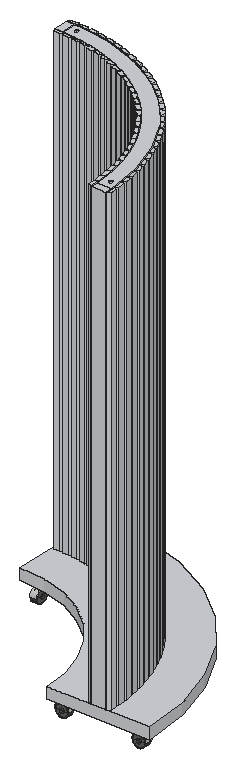
Revit family "ThinkingWall Acoustic Curve", category Generic Models, Revit 2023
Family settings
  Can host rebar = No
  Round Connector Dimension = Use Diameter
  Part Type = Normal
  Work Plane-Based = No
  Always vertical = Yes
  Cut with Voids When Loaded = No
  Maintain Annotation Orientation = No
  Shared = No
  Room Calculation Point = No
Parameters (values of type "ThinkingWall® Acoustic Curve 90deg")
  URL = "https://www.logovisual.com/product/whiteboards/thinkingwall/acoustics/thinkingwall-acoustic-curve/"
  ThinkingWall Acoustic Curve 90deg = yes
  ThinkingWall Acoustic Curve 45deg = no
  ThinkingWall Acoustic Curve 30deg = no
  Steel Colour = none
  Plinth Colour = none
  No of Slat = 29
  Model = "ThinkingWall® Acoustic Curve"
  Manufacturer = "Logovisual LTD"
  Description = "Mobile freestanding acoustic curve screen. Part of the ThinkingWall® range for flexible breakout and meeting spaces."
  Default Elevation = 0 mm
  Acoustic Colour = none
Types (4, lengths in mm): name | ThinkingWall Acoustic Curve 90deg | ThinkingWall Acoustic Curve 45deg | ThinkingWall Acoustic Curve 30deg
  (no name) | yes | no | no
  ThinkingWall® Acoustic Curve 30deg | no | no | yes
  ThinkingWall® Acoustic Curve 45deg | no | yes | no
  ThinkingWall® Acoustic Curve 90deg | yes | no | no
Reference planes
  plane 1 "Center (Front/Back)": y = 0
  plane 2: z = 0
  plane 3 "Center (Left/Right)": x = 0
  plane 4: z = 71.5
  plane 5 "a": z = 114.5
  plane 6: z = 1914.5
  plane 7: z = 1804.5
  plane 8 "b": z = 109.5
Dimensions and locks
  locked: plane 4 to level at 71.5
  plane 5 "a" to plane 4 = 43 mm
  plane 6 to level = 1914.5 mm
  plane 6 to plane 5 "a" = 1800 mm
  locked: plane 6 to plane 7 at 110
  locked: plane 5 "a" to plane 8 "b" at 5
  aligned and locked: level to plane 2
  aligned and locked: nested 1 to plane 3 "Center (Left/Right)"
  aligned and locked: plane 1 "Center (Front/Back)" to nested 1
  aligned and locked: nested 1 to nested 2
  aligned and locked: plane 1 "Center (Front/Back)" to nested 2
  aligned and locked: plane 3 "Center (Left/Right)" to nested 3
  aligned and locked: plane 1 "Center (Front/Back)" to nested 3
Nested families
  nested 1: "ThinkingWall Acoustic Curve 30deg" at (0, 0, 0), visible <- "ThinkingWall Acoustic Curve 30deg", type "ThinkingWall Acoustic Curve 30deg"
  nested 2: "ThinkingWall Acoustic Curve 45deg" at (0, 0, 0), visible <- "ThinkingWall Acoustic Curve 45deg", type "ThinkingWall Acoustic Curve 45deg"
  nested 3: "ThinkingWall Acoustic Curve 90deg" at (0, 0, 0), visible <- "ThinkingWall Acoustic Curve 90deg", type "ThinkingWall Acoustic Curve 90deg"
Definition of nested family "ThinkingWall Acoustic Curve 30deg"
  Parameters (values of type "ThinkingWall Acoustic Curve 30deg")
    Plinth Colour = none
    Steel Colour = none
    No of Slat = 36
    Default Elevation = 0 mm
    Acoustic Colour = none
  Reference planes
    plane 1 "Center (Front/Back)": y = 0
    plane 2: z = 0
    plane 3 "Center (Left/Right)": x = 0
    plane 4: z = 71.5
    plane 5 "a": z = 114.5
    plane 6: z = 1914.5
    plane 7: z = 1804.5
    plane 8 "b": z = 109.5
    plane 9: y = -2302
    plane 10: x = 923.5
    plane 11: through (0, -2302, 1200) normal (-0.866, 0.5, 0)
    plane 12: through (0, -2302, 1200) normal (-0.9659, 0.2588, 0)
  Forms (mm)
    Extrusion 1, solid, material <- "Steel Colour"
      sketch origin (-908.752, -1524, 1914.5) x (-1, 0, 0) y (0, -1, 0)
        loop
          arc (-938.752, -1450.298) -> (-1485.53, -1374.566) -> (-1996.92, -1166.763) r 2228.5
          line (-1996.92, -1166.763) -> (-2026.923, -1218.729)
          arc (-2026.923, -1218.729) -> (-1501.059, -1432.521) -> (-938.752, -1510.303) r 2288.5
          line (-938.752, -1510.303) -> (-938.752, -1450.298)
      from -18 to 0
    Extrusion 2, solid
      sketch origin (-908.752, -1567.5, 1914.5) x (-1, 0, 0) y (0, -1, 0)
        loop
          circle (-958.752, -1523.162) r 5
        loop
          circle (-1994.281, -1245.692) r 5
      from 0 to 1
    Extrusion 3, solid, material <- "Plinth Colour"
      sketch origin (-511.407, -1524, 71.5) x (-1, 0, 0) y (0, -1, 0)
        loop
          arc (-511.407, -1280.5) -> (-1044.186, -1210.358) -> (-1540.657, -1004.713) r 2058.5
          line (-1540.657, -1004.713) -> (-1740.657, -1351.123)
          arc (-1740.657, -1351.123) -> (-1147.713, -1596.729) -> (-511.407, -1680.5) r 2458.5
          line (-511.407, -1680.5) -> (-511.407, -1280.5)
      from 0 to 43
    Extrusion 4, solid, material <- "Steel Colour"
      sketch origin (-511.407, -1524, 114.5) x (-1, 0, 0) y (0, -1, 0)
        loop
          line (-511.407, -1510.5) -> (-511.407, -1450.5)
          arc (-511.407, -1450.5) -> (-526.407, -1450.45) -> (-541.407, -1450.298) r 2228.5
          line (-541.407, -1450.298) -> (-541.407, -1510.303)
          arc (-541.407, -1510.303) -> (-526.407, -1510.451) -> (-511.407, -1510.5) r 2288.5
        loop
          line (-1625.657, -1151.938) -> (-1655.657, -1203.899)
          arc (-1655.657, -1203.899) -> (-1642.641, -1211.357) -> (-1629.578, -1218.729) r 2288.5
          line (-1629.578, -1218.729) -> (-1599.575, -1166.763)
          arc (-1599.575, -1166.763) -> (-1612.641, -1159.394) -> (-1625.657, -1151.938) r 2228.5
      from 0 to 1800
  Dimensions and locks
    locked: plane 4 to level at 71.5
    plane 5 "a" to plane 4 = 43 mm
    plane 6 to level = 1914.5 mm
    plane 6 to plane 5 "a" = 1800 mm
    locked: plane 6 to plane 7 at 110
    locked: plane 5 "a" to plane 8 "b" at 5
    plane 9 to plane 1 "Center (Front/Back)" = 2302 mm
    angle plane 11 to plane 3 "Center (Left/Right)" = 30.00°
    angle plane 12 to plane 3 "Center (Left/Right)" = 15.00°
    angle plane 11 to plane 12 = 15.00°
    aligned and locked: level to plane 2
    aligned and locked: plane 6 to Extrusion 1
    aligned and locked: Extrusion 3 to plane 5 "a"
    aligned and locked: Extrusion 3 to plane 4
  Nested families
    nested 1: "50mm_Caster_Wheel 2" at (50, 106.5, 0) x (0, 1, 0) z (0, 0, 1), type "50mm_Caster_Wheel 2"
    nested 2: "50mm_Caster_Wheel 2" at (50, -193.5, 0) x (0, 1, 0) z (0, 0, 1), type "50mm_Caster_Wheel 2"
    nested 3: "Panel" at (1079.429, -352.378, 114.5) x (0.8705, -0.4921, 0) z (0, 0, 1), type "Panel"
    nested 4: "Panel" at (1144.25, -320.101, 114.5) x (-0.871, 0.4912, 0) z (0, 0, 1), type "Panel"
    nested 5: "Panel" at (0, -73.504, 114.5) x (1, -0.0089, 0) z (0, 0, 1), type "Panel"
    nested 6: "Panel" at (1046.416, -334.462, 114.5) x (0.8787, -0.4774, 0) z (0, 0, 1), type "Panel"
    nested 7: "Panel" at (1013.106, -317.105, 114.5) x (0.8866, -0.4625, 0) z (0, 0, 1), type "Panel"
    nested 8: "Panel" at (979.509, -300.312, 114.5) x (0.8943, -0.4475, 0) z (0, 0, 1), type "Panel"
    nested 9: "Panel" at (945.633, -284.087, 114.5) x (0.9017, -0.4324, 0) z (0, 0, 1), type "Panel"
    nested 10: "Panel" at (911.488, -268.436, 114.5) x (0.9089, -0.4171, 0) z (0, 0, 1), type "Panel"
    nested 11: "Panel" at (877.085, -253.362, 114.5) x (0.9158, -0.4017, 0) z (0, 0, 1), type "Panel"
    nested 12: "Panel" at (842.432, -238.871, 114.5) x (0.9224, -0.3862, 0) z (0, 0, 1), type "Panel"
    nested 13: "Panel" at (807.54, -224.965, 114.5) x (0.9288, -0.3706, 0) z (0, 0, 1), type "Panel"
    nested 14: "Panel" at (772.419, -211.65, 114.5) x (0.9349, -0.3549, 0) z (0, 0, 1), type "Panel"
    nested 15: "Panel" at (737.078, -198.928, 114.5) x (0.9407, -0.3391, 0) z (0, 0, 1), type "Panel"
    nested 16: "Panel" at (701.527, -186.804, 114.5) x (0.9463, -0.3232, 0) z (0, 0, 1), type "Panel"
    nested 17: "Panel" at (665.778, -175.281, 114.5) x (0.9516, -0.3072, 0) z (0, 0, 1), type "Panel"
    nested 18: "Panel" at (629.839, -164.362, 114.5) x (0.9567, -0.2911, 0) z (0, 0, 1), type "Panel"
    nested 19: "Panel" at (593.722, -154.05, 114.5) x (0.9615, -0.275, 0) z (0, 0, 1), type "Panel"
    nested 20: "Panel" at (557.435, -144.349, 114.5) x (0.966, -0.2587, 0) z (0, 0, 1), type "Panel"
    nested 21: "Panel" at (520.991, -135.26, 114.5) x (0.9702, -0.2424, 0) z (0, 0, 1), type "Panel"
    nested 22: "Panel" at (484.398, -126.787, 114.5) x (0.9741, -0.226, 0) z (0, 0, 1), type "Panel"
    nested 23: "Panel" at (447.668, -118.932, 114.5) x (0.9778, -0.2096, 0) z (0, 0, 1), type "Panel"
    nested 24: "Panel" at (410.811, -111.697, 114.5) x (0.9812, -0.1931, 0) z (0, 0, 1), type "Panel"
    nested 25: "Panel" at (373.836, -105.084, 114.5) x (0.9843, -0.1765, 0) z (0, 0, 1), type "Panel"
    nested 26: "Panel" at (336.756, -99.095, 114.5) x (0.9871, -0.1599, 0) z (0, 0, 1), type "Panel"
    nested 27: "Panel" at (299.58, -93.733, 114.5) x (0.9897, -0.1432, 0) z (0, 0, 1), type "Panel"
    nested 28: "Panel" at (262.319, -88.997, 114.5) x (0.992, -0.1265, 0) z (0, 0, 1), type "Panel"
    nested 29: "Panel" at (224.983, -84.89, 114.5) x (0.994, -0.1098, 0) z (0, 0, 1), type "Panel"
    nested 30: "Panel" at (187.584, -81.413, 114.5) x (0.9957, -0.093, 0) z (0, 0, 1), type "Panel"
    nested 31: "Panel" at (150.131, -78.567, 114.5) x (0.9971, -0.0762, 0) z (0, 0, 1), type "Panel"
    nested 32: "Panel" at (112.636, -76.353, 114.5) x (0.9982, -0.0594, 0) z (0, 0, 1), type "Panel"
    nested 33: "Panel" at (75.108, -74.77, 114.5) x (0.9991, -0.0426, 0) z (0, 0, 1), type "Panel"
    nested 34: "Panel" at (37.559, -73.821, 114.5) x (0.9997, -0.0257, 0) z (0, 0, 1), type "Panel"
    nested 35: "Panel" at (39.999, -13.85, 114.5) x (-1, 0.0074, 0) z (0, 0, 1), type "Panel"
    nested 36: "Panel" at (1110.653, -301.08, 114.5) x (-0.8792, 0.4765, 0) z (0, 0, 1), type "Panel"
    nested 37: "Panel" at (1076.74, -282.628, 114.5) x (-0.8871, 0.4616, 0) z (0, 0, 1), type "Panel"
    nested 38: "Panel" at (1042.52, -264.751, 114.5) x (-0.8948, 0.4465, 0) z (0, 0, 1), type "Panel"
    nested 39: "Panel" at (1008.003, -247.453, 114.5) x (-0.9022, 0.4314, 0) z (0, 0, 1), type "Panel"
    nested 40: "Panel" at (973.2, -230.741, 114.5) x (-0.9093, 0.4161, 0) z (0, 0, 1), type "Panel"
    nested 41: "Panel" at (938.12, -214.618, 114.5) x (-0.9162, 0.4007, 0) z (0, 0, 1), type "Panel"
    nested 42: "Panel" at (902.772, -199.089, 114.5) x (-0.9228, 0.3852, 0) z (0, 0, 1), type "Panel"
    nested 43: "Panel" at (867.168, -184.159, 114.5) x (-0.9292, 0.3696, 0) z (0, 0, 1), type "Panel"
    nested 44: "Panel" at (831.317, -169.831, 114.5) x (-0.9353, 0.3538, 0) z (0, 0, 1), type "Panel"
    nested 45: "Panel" at (795.229, -156.11, 114.5) x (-0.9411, 0.338, 0) z (0, 0, 1), type "Panel"
    nested 46: "Panel" at (758.915, -143, 114.5) x (-0.9467, 0.3221, 0) z (0, 0, 1), type "Panel"
    nested 47: "Panel" at (722.385, -130.505, 114.5) x (-0.952, 0.3061, 0) z (0, 0, 1), type "Panel"
    nested 48: "Panel" at (685.65, -118.627, 114.5) x (-0.957, 0.29, 0) z (0, 0, 1), type "Panel"
    nested 49: "Panel" at (648.719, -107.371, 114.5) x (-0.9618, 0.2738, 0) z (0, 0, 1), type "Panel"
    nested 50: "Panel" at (611.603, -96.74, 114.5) x (-0.9663, 0.2575, 0) z (0, 0, 1), type "Panel"
    nested 51: "Panel" at (574.314, -86.736, 114.5) x (-0.9705, 0.2412, 0) z (0, 0, 1), type "Panel"
    nested 52: "Panel" at (536.861, -77.362, 114.5) x (-0.9744, 0.2248, 0) z (0, 0, 1), type "Panel"
    nested 53: "Panel" at (499.255, -68.622, 114.5) x (-0.9781, 0.2083, 0) z (0, 0, 1), type "Panel"
    nested 54: "Panel" at (461.508, -60.518, 114.5) x (-0.9814, 0.1918, 0) z (0, 0, 1), type "Panel"
    nested 55: "Panel" at (423.628, -53.051, 114.5) x (-0.9845, 0.1752, 0) z (0, 0, 1), type "Panel"
    nested 56: "Panel" at (385.629, -46.225, 114.5) x (-0.9874, 0.1585, 0) z (0, 0, 1), type "Panel"
    nested 57: "Panel" at (347.519, -40.04, 114.5) x (-0.9899, 0.1419, 0) z (0, 0, 1), type "Panel"
    nested 58: "Panel" at (309.311, -34.499, 114.5) x (-0.9921, 0.1251, 0) z (0, 0, 1), type "Panel"
    nested 59: "Panel" at (271.014, -29.604, 114.5) x (-0.9941, 0.1084, 0) z (0, 0, 1), type "Panel"
    nested 60: "Panel" at (232.641, -25.355, 114.5) x (-0.9958, 0.0916, 0) z (0, 0, 1), type "Panel"
    nested 61: "Panel" at (194.201, -21.755, 114.5) x (-0.9972, 0.0748, 0) z (0, 0, 1), type "Panel"
    nested 62: "Panel" at (155.706, -18.803, 114.5) x (-0.9983, 0.058, 0) z (0, 0, 1), type "Panel"
    nested 63: "Panel" at (117.167, -16.501, 114.5) x (-0.9992, 0.0411, 0) z (0, 0, 1), type "Panel"
    nested 64: "Panel" at (78.594, -14.85, 114.5) x (-0.9997, 0.0242, 0) z (0, 0, 1), type "Panel"
    nested 65: "50mm_Caster_Wheel 2" at (1160.949, -191.178, 0) x (0.5, 0.866, 0) z (0, 0, 1), type "50mm_Caster_Wheel 2"
    nested 66: "50mm_Caster_Wheel 2" at (1010.949, -450.985, 0) x (0.5, 0.866, 0) z (0, 0, 1), type "50mm_Caster_Wheel 2"
    nested 67: "50mm_Caster_Wheel 2" at (625.069, 30.791, 0) x (0.2588, 0.9659, 0) z (0, 0, 1), type "50mm_Caster_Wheel 2"
  Definition of nested family "50mm_Caster_Wheel 2"
    Parameters (values of type "50mm_Caster_Wheel 2")
      Default Elevation = 0 mm
    Reference planes
      plane 1 "Center (Front/Back)": y = 0
      plane 2: z = 0
      plane 3 "Center (Left/Right)": x = 0
      plane 4 "VWhlCntr": x = -22
      plane 5 "WhlCntr": z = 25
      plane 6: z = 56.73
      plane 7: z = 55.23
    Forms (mm)
      Revolve 1, solid
        sketch origin (0, 0, 25) x (-1, 0, 0) y (0, -1, 0)
          loop
            line (45.5, 13.5) -> (29.872, 13.5) -> (30.032, 14.411)
            arc (30.032, 14.411) -> (29.873, 15.004) -> (29.317, 15.263) r 0.727
            line (29.317, 15.263) -> (22, 15.263) -> (22, 4.169) -> (47, 4.169) -> (47, 12)
            arc (47, 12) -> (46.561, 13.061) -> (45.5, 13.5) r 1.5
          loop
            arc (45.5, -13.5) -> (46.561, -13.061) -> (47, -12) r 1.5
            line (47, -12) -> (47, -4.169) -> (22, -4.169) -> (22, -15.263) -> (29.317, -15.263)
            arc (29.317, -15.263) -> (29.873, -15.004) -> (30.032, -14.411) r 0.727
            line (30.032, -14.411) -> (29.872, -13.5) -> (45.5, -13.5)
          axis (22, 15.263) -> (22, -15.263)
        angle from 0 to 360
      Revolve 2, solid
        sketch origin (0, 0, 25) x (-1, 0, 0) y (0, -1, 0)
          loop
            line (22, 3.174) -> (33.047, 3.174)
            arc (33.047, 3.174) -> (32.755, 3.878) -> (32.052, 4.169) r 0.995
            line (32.052, 4.169) -> (22, 4.169) -> (22, 3.174)
          loop
            line (22, -3.174) -> (22, -4.169) -> (32.052, -4.169)
            arc (32.052, -4.169) -> (32.755, -3.878) -> (33.047, -3.174) r 0.995
            line (33.047, -3.174) -> (22, -3.174)
          axis (22, 4.169) -> (22, -4.169)
        angle from 0 to 360
      Revolve 3, solid
        sketch origin (0, 0, 0) x (1, 0, 0) y (0, 0, 1)
          loop
            line (0, 60) -> (21.525, 60) -> (21.525, 62.198)
            arc (21.525, 62.198) -> (20.577, 63.345) -> (19.43, 64.292) r 7.866
            arc (19.43, 64.292) -> (16.996, 68.264) -> (12.416, 67.416) r 4.113
            line (12.416, 67.416) -> (10, 65) -> (10, 70) -> (0, 70) -> (0, 60)
          axis (0, 60) -> (0, 70)
        angle from 0 to 360
      Extrusion 4, solid
        sketch origin (0, 0, 0) x (1, 0, 0) y (0, 0, 1)
          loop
            circle (-22, 25) r 2.964
        from -12.5 to 12.5
      Extrusion 5, solid
        sketch origin (0, 0, 70) x (1, 0, 0) y (0, 1, 0)
          loop
            line (-25, 25) -> (-25, -25) -> (25, -25) -> (25, 25) -> (-25, 25)
        from 0 to 1.5
      Extrusion 6, solid
        sketch origin (0, 0, 0) x (1, 0, 0) y (0, 0, 1)
          loop
            line (-49.398, 25.312) -> (-47.348, 25.312)
            arc (-47.348, 25.312) -> (-22.059, 50.601) -> (3.229, 25.313) r 25.288
            line (3.229, 25.313) -> (5.279, 25.313)
            arc (5.279, 25.313) -> (-22.059, 52.651) -> (-49.398, 25.312) r 27.339
        from -13.5 to 13.5
      Extrusion 7, solid
        sketch origin (0, 0, 0) x (1, 0, 0) y (0, 0, 1)
          loop
            arc (-22.059, 52.651) -> (-2.728, 44.644) -> (5.279, 25.312) r 27.339
            line (5.279, 25.312) -> (5.279, 60) -> (-22.059, 60) -> (-22.059, 52.651)
        from -13.5 to 13.5
    Dimensions and locks
      plane 3 "Center (Left/Right)" to plane 4 "VWhlCntr" = 22 mm
      Revolve 3 to level = 70 mm
      Revolve 3 to plane 2 = 70 mm
      diameter of Revolve 1 = 50 mm
      aligned and locked: level to plane 2
  Definition of nested family "Panel"
    Parameters (values of type "Panel")
      Height = 1800 mm
      Default Elevation = 0 mm
      Acoustic Panel = yes
      Acoustic = none
    Types (2): name
      Panel
      Panel 2
    Reference planes
      plane 1 "Center (Front/Back)": y = 0
      plane 2: z = 0
      plane 3 "Center (Left/Right)": x = 0
      plane 4: z = 1800
      plane 5: x = 40
      plane 6: y = -13.5
      plane 7: z = 0
      plane 8: x = 8
      plane 9: x = 32
    Forms (mm)
      Extrusion 1, solid, material <- "Acoustic", visible <- "Acoustic Panel"
        sketch origin (0, 0, 0) x (1, 0, 0) y (0, 1, 0)
          loop
            line (0, 0) -> (8, -13.5) -> (32, -13.5) -> (40, 0) -> (0, 0)
        from 0 to 1800
    Dimensions and locks
      plane 3 "Center (Left/Right)" to plane 5 = 40 mm
      plane 6 to plane 1 "Center (Front/Back)" = 13.5 mm  (x2)
      "Height": plane 4 to plane 2
      plane 7 to level = 0 mm
      plane 5 to plane 3 "Center (Left/Right)" = 40 mm
      plane 3 "Center (Left/Right)" to plane 8 = 8 mm
      plane 9 to plane 5 = 8 mm
      aligned and locked: level to plane 2
      aligned and locked: plane 1 "Center (Front/Back)" to Extrusion 1 sketch curve
      aligned and locked: plane 6 to Extrusion 1 sketch curve
      aligned and locked: Extrusion 1 to plane 7
      aligned and locked: plane 4 to Extrusion 1
    Automatic sketch dimensions
      Extrusion 1 sketch curve to plane 3 "Center (Left/Right)" = 0 mm
      Extrusion 1 sketch curve to plane 8 = 0 mm
      Extrusion 1 sketch curve to plane 9 = 0 mm
      Extrusion 1 sketch curve to plane 5 = 0 mm
Definition of nested family "ThinkingWall Acoustic Curve 45deg"
  Parameters (values of type "ThinkingWall Acoustic Curve 45deg")
    Steel Colour = none
    Plinth Colour = none
    No of Slat = 36
    Default Elevation = 0 mm
    Acoustic Colour = none
  Reference planes
    plane 1 "Center (Front/Back)": y = 0
    plane 2: z = 0
    plane 3 "Center (Left/Right)": x = 0
    plane 4: z = 71.5
    plane 5 "a": z = 114.5
    plane 6: z = 1914.5
    plane 7: z = 1804.5
    plane 8 "b": z = 109.5
    plane 9: y = -1535
    plane 10: x = 923.5
    plane 11: y = 156.5
    plane 12: through (0, -1535, 1200) normal (-0.7071, 0.7071, 0)
    plane 13: through (0, -1535, 1200) normal (-0.9239, 0.3827, 0)
  Forms (mm)
    Extrusion 1, solid, material <- "Steel Colour"
      sketch origin (-908.752, -1524, 1914.5) x (-1, 0, 0) y (0, -1, 0)
        loop
          arc (-938.752, -1450.192) -> (-1468.044, -1339.25) -> (-1920.757, -1043.432) r 1461.5
          line (-1920.757, -1043.432) -> (-1963.192, -1085.867)
          arc (-1963.192, -1085.867) -> (-1491.005, -1394.683) -> (-938.752, -1510.204) r 1521.5
          line (-938.752, -1510.204) -> (-938.752, -1450.192)
      from -18 to 0
    Extrusion 2, solid
      sketch origin (-908.752, -1567.5, 1914.5) x (-1, 0, 0) y (0, -1, 0)
        loop
          circle (-958.752, -1523.162) r 5
        loop
          circle (-1927.454, -1121.912) r 5
      from 0 to 1
    Extrusion 3, solid, material <- "Plinth Colour"
      sketch origin (-511.407, -1524, 71.5) x (-1, 0, 0) y (0, -1, 0)
        loop
          arc (-511.407, -1280.5) -> (-1005.642, -1182.19) -> (-1424.635, -902.228) r 1291.5
          line (-1424.635, -902.228) -> (-1707.478, -1185.071)
          arc (-1707.478, -1185.071) -> (-1158.716, -1551.742) -> (-511.407, -1680.5) r 1691.5
          line (-511.407, -1680.5) -> (-511.407, -1280.5)
      from 0 to 43
    Extrusion 4, solid, material <- "Steel Colour"
      sketch origin (-511.407, -1524, 114.5) x (-1, 0, 0) y (0, -1, 0)
        loop
          arc (-1587.27, -1064.863) -> (-1576.61, -1075.418) -> (-1565.847, -1085.867) r 1521.5
          line (-1565.847, -1085.867) -> (-1523.412, -1043.432)
          arc (-1523.412, -1043.432) -> (-1534.182, -1032.989) -> (-1544.843, -1022.437) r 1461.5
          line (-1544.843, -1022.437) -> (-1587.27, -1064.863)
        loop
          arc (-541.407, -1510.204) -> (-526.407, -1510.426) -> (-511.407, -1510.5) r 1521.5
          line (-511.407, -1510.5) -> (-511.407, -1450.5)
          arc (-511.407, -1450.5) -> (-526.407, -1450.423) -> (-541.407, -1450.192) r 1461.5
          line (-541.407, -1450.192) -> (-541.407, -1510.204)
      from 0 to 1800
  Dimensions and locks
    locked: plane 4 to level at 71.5
    plane 5 "a" to plane 4 = 43 mm
    plane 6 to level = 1914.5 mm
    plane 6 to plane 5 "a" = 1800 mm
    locked: plane 6 to plane 7 at 110
    locked: plane 5 "a" to plane 8 "b" at 5
    angle plane 13 to plane 3 "Center (Left/Right)" = 22.50°
    angle plane 12 to plane 13 = 22.50°
    angle plane 12 to plane 3 "Center (Left/Right)" = 45.00°
    aligned and locked: level to plane 2
    aligned and locked: plane 6 to Extrusion 1
    aligned and locked: Extrusion 3 to plane 5 "a"
    aligned and locked: Extrusion 3 to plane 4
  Nested families
    nested 1: "50mm_Caster_Wheel 2" at (50, 106.5, 0) x (0, 1, 0) z (0, 0, 1), type "50mm_Caster_Wheel 2"
    nested 2: "50mm_Caster_Wheel 2" at (50, -193.5, 0) x (0, 1, 0) z (0, 0, 1), type "50mm_Caster_Wheel 2"
    nested 3: "Panel" at (1004.768, -473.669, 114.5) x (0.7167, -0.6974, 0) z (0, 0, 1), type "Panel"
    nested 4: "Panel" at (1075.863, -459.137, 114.5) x (-0.7165, 0.6976, 0) z (0, 0, 1), type "Panel"
    nested 5: "Panel" at (0, -73.5, 114.5) x (0.9999, -0.0137, 0) z (0, 0, 1), type "Panel"
    nested 6: "Panel" at (976.686, -447.771, 114.5) x (0.7347, -0.6784, 0) z (0, 0, 1), type "Panel"
    nested 7: "Panel" at (947.936, -422.616, 114.5) x (0.7522, -0.659, 0) z (0, 0, 1), type "Panel"
    nested 8: "Panel" at (918.539, -398.221, 114.5) x (0.7691, -0.6391, 0) z (0, 0, 1), type "Panel"
    nested 9: "Panel" at (888.515, -374.602, 114.5) x (0.7856, -0.6187, 0) z (0, 0, 1), type "Panel"
    nested 10: "Panel" at (857.883, -351.776, 114.5) x (0.8015, -0.598, 0) z (0, 0, 1), type "Panel"
    nested 11: "Panel" at (826.665, -329.759, 114.5) x (0.8168, -0.5769, 0) z (0, 0, 1), type "Panel"
    nested 12: "Panel" at (794.883, -308.565, 114.5) x (0.8316, -0.5553, 0) z (0, 0, 1), type "Panel"
    nested 13: "Panel" at (762.557, -288.209, 114.5) x (0.8459, -0.5334, 0) z (0, 0, 1), type "Panel"
    nested 14: "Panel" at (729.711, -268.705, 114.5) x (0.8595, -0.5111, 0) z (0, 0, 1), type "Panel"
    nested 15: "Panel" at (696.366, -250.066, 114.5) x (0.8726, -0.4885, 0) z (0, 0, 1), type "Panel"
    nested 16: "Panel" at (662.545, -232.304, 114.5) x (0.8851, -0.4655, 0) z (0, 0, 1), type "Panel"
    nested 17: "Panel" at (628.271, -215.433, 114.5) x (0.8969, -0.4422, 0) z (0, 0, 1), type "Panel"
    nested 18: "Panel" at (593.569, -199.464, 114.5) x (0.9082, -0.4186, 0) z (0, 0, 1), type "Panel"
    nested 19: "Panel" at (558.46, -184.406, 114.5) x (0.9188, -0.3947, 0) z (0, 0, 1), type "Panel"
    nested 20: "Panel" at (522.971, -170.272, 114.5) x (0.9288, -0.3706, 0) z (0, 0, 1), type "Panel"
    nested 21: "Panel" at (487.124, -157.07, 114.5) x (0.9382, -0.3462, 0) z (0, 0, 1), type "Panel"
    nested 22: "Panel" at (450.944, -144.809, 114.5) x (0.9469, -0.3215, 0) z (0, 0, 1), type "Panel"
    nested 23: "Panel" at (414.456, -133.498, 114.5) x (0.955, -0.2967, 0) z (0, 0, 1), type "Panel"
    nested 24: "Panel" at (377.685, -123.145, 114.5) x (0.9624, -0.2716, 0) z (0, 0, 1), type "Panel"
    nested 25: "Panel" at (340.655, -113.756, 114.5) x (0.9692, -0.2464, 0) z (0, 0, 1), type "Panel"
    nested 26: "Panel" at (303.394, -105.338, 114.5) x (0.9753, -0.221, 0) z (0, 0, 1), type "Panel"
    nested 27: "Panel" at (265.924, -97.897, 114.5) x (0.9807, -0.1954, 0) z (0, 0, 1), type "Panel"
    nested 28: "Panel" at (228.273, -91.438, 114.5) x (0.9855, -0.1697, 0) z (0, 0, 1), type "Panel"
    nested 29: "Panel" at (190.467, -85.965, 114.5) x (0.9896, -0.1439, 0) z (0, 0, 1), type "Panel"
    nested 30: "Panel" at (152.53, -81.481, 114.5) x (0.993, -0.118, 0) z (0, 0, 1), type "Panel"
    nested 31: "Panel" at (114.489, -77.992, 114.5) x (0.9958, -0.092, 0) z (0, 0, 1), type "Panel"
    nested 32: "Panel" at (76.369, -75.497, 114.5) x (0.9978, -0.0659, 0) z (0, 0, 1), type "Panel"
    nested 33: "Panel" at (38.198, -74, 114.5) x (0.9992, -0.0398, 0) z (0, 0, 1), type "Panel"
    nested 34: "50mm_Caster_Wheel 2" at (1125.36, -338.929, 0) x (0.7071, 0.7071, 0) z (0, 0, 1), type "50mm_Caster_Wheel 2"
    nested 35: "50mm_Caster_Wheel 2" at (913.228, -551.061, 0) x (0.7071, 0.7071, 0) z (0, 0, 1), type "50mm_Caster_Wheel 2"
    nested 36: "Panel" at (39.997, -14.026, 114.5) x (-0.9999, 0.0129, 0) z (0, 0, 1), type "Panel"
    nested 37: "Panel" at (1048.298, -432.261, 114.5) x (-0.7339, 0.6792, 0) z (0, 0, 1), type "Panel"
    nested 38: "Panel" at (1020.062, -406.091, 114.5) x (-0.7509, 0.6604, 0) z (0, 0, 1), type "Panel"
    nested 39: "Panel" at (991.174, -380.644, 114.5) x (-0.7674, 0.6412, 0) z (0, 0, 1), type "Panel"
    nested 40: "Panel" at (961.65, -355.936, 114.5) x (-0.7833, 0.6216, 0) z (0, 0, 1), type "Panel"
    nested 41: "Panel" at (931.511, -331.983, 114.5) x (-0.7988, 0.6016, 0) z (0, 0, 1), type "Panel"
    nested 42: "Panel" at (900.775, -308.8, 114.5) x (-0.8138, 0.5812, 0) z (0, 0, 1), type "Panel"
    nested 43: "Panel" at (869.463, -286.402, 114.5) x (-0.8282, 0.5604, 0) z (0, 0, 1), type "Panel"
    nested 44: "Panel" at (837.594, -264.804, 114.5) x (-0.8421, 0.5393, 0) z (0, 0, 1), type "Panel"
    nested 45: "Panel" at (805.189, -244.018, 114.5) x (-0.8555, 0.5178, 0) z (0, 0, 1), type "Panel"
    nested 46: "Panel" at (772.268, -224.06, 114.5) x (-0.8683, 0.496, 0) z (0, 0, 1), type "Panel"
    nested 47: "Panel" at (738.853, -204.94, 114.5) x (-0.8806, 0.4738, 0) z (0, 0, 1), type "Panel"
    nested 48: "Panel" at (704.965, -186.672, 114.5) x (-0.8923, 0.4514, 0) z (0, 0, 1), type "Panel"
    nested 49: "Panel" at (670.625, -169.268, 114.5) x (-0.9035, 0.4287, 0) z (0, 0, 1), type "Panel"
    nested 50: "Panel" at (635.856, -152.738, 114.5) x (-0.914, 0.4057, 0) z (0, 0, 1), type "Panel"
    nested 51: "Panel" at (600.68, -137.092, 114.5) x (-0.924, 0.3824, 0) z (0, 0, 1), type "Panel"
    nested 52: "Panel" at (565.12, -122.342, 114.5) x (-0.9334, 0.3589, 0) z (0, 0, 1), type "Panel"
    nested 53: "Panel" at (529.197, -108.496, 114.5) x (-0.9421, 0.3352, 0) z (0, 0, 1), type "Panel"
    nested 54: "Panel" at (492.936, -95.564, 114.5) x (-0.9503, 0.3113, 0) z (0, 0, 1), type "Panel"
    nested 55: "Panel" at (456.359, -83.553, 114.5) x (-0.9579, 0.2871, 0) z (0, 0, 1), type "Panel"
    nested 56: "Panel" at (419.49, -72.471, 114.5) x (-0.9649, 0.2628, 0) z (0, 0, 1), type "Panel"
    nested 57: "Panel" at (382.353, -62.326, 114.5) x (-0.9712, 0.2383, 0) z (0, 0, 1), type "Panel"
    nested 58: "Panel" at (344.97, -53.124, 114.5) x (-0.9769, 0.2137, 0) z (0, 0, 1), type "Panel"
    nested 59: "Panel" at (307.367, -44.87, 114.5) x (-0.982, 0.1889, 0) z (0, 0, 1), type "Panel"
    nested 60: "Panel" at (269.567, -37.57, 114.5) x (-0.9865, 0.164, 0) z (0, 0, 1), type "Panel"
    nested 61: "Panel" at (231.595, -31.229, 114.5) x (-0.9903, 0.1389, 0) z (0, 0, 1), type "Panel"
    nested 62: "Panel" at (193.474, -25.851, 114.5) x (-0.9935, 0.1138, 0) z (0, 0, 1), type "Panel"
    nested 63: "Panel" at (155.229, -21.439, 114.5) x (-0.9961, 0.0887, 0) z (0, 0, 1), type "Panel"
    nested 64: "Panel" at (116.885, -17.996, 114.5) x (-0.998, 0.0634, 0) z (0, 0, 1), type "Panel"
    nested 65: "Panel" at (78.466, -15.525, 114.5) x (-0.9993, 0.0382, 0) z (0, 0, 1), type "Panel"
    nested 66: "50mm_Caster_Wheel 2" at (631.981, -9.263, 0) x (0.3827, 0.9239, 0) z (0, 0, 1), type "50mm_Caster_Wheel 2"
  Definition of nested family "50mm_Caster_Wheel 2"
    Parameters (values of type "50mm_Caster_Wheel 2")
      Default Elevation = 0 mm
    Reference planes
      plane 1 "Center (Front/Back)": y = 0
      plane 2: z = 0
      plane 3 "Center (Left/Right)": x = 0
      plane 4 "VWhlCntr": x = -22
      plane 5 "WhlCntr": z = 25
      plane 6: z = 56.73
      plane 7: z = 55.23
    Forms (mm)
      Revolve 1, solid
        sketch origin (0, 0, 25) x (-1, 0, 0) y (0, -1, 0)
          loop
            line (45.5, 13.5) -> (29.872, 13.5) -> (30.032, 14.411)
            arc (30.032, 14.411) -> (29.873, 15.004) -> (29.317, 15.263) r 0.727
            line (29.317, 15.263) -> (22, 15.263) -> (22, 4.169) -> (47, 4.169) -> (47, 12)
            arc (47, 12) -> (46.561, 13.061) -> (45.5, 13.5) r 1.5
          loop
            arc (45.5, -13.5) -> (46.561, -13.061) -> (47, -12) r 1.5
            line (47, -12) -> (47, -4.169) -> (22, -4.169) -> (22, -15.263) -> (29.317, -15.263)
            arc (29.317, -15.263) -> (29.873, -15.004) -> (30.032, -14.411) r 0.727
            line (30.032, -14.411) -> (29.872, -13.5) -> (45.5, -13.5)
          axis (22, 15.263) -> (22, -15.263)
        angle from 0 to 360
      Revolve 2, solid
        sketch origin (0, 0, 25) x (-1, 0, 0) y (0, -1, 0)
          loop
            line (22, 3.174) -> (33.047, 3.174)
            arc (33.047, 3.174) -> (32.755, 3.878) -> (32.052, 4.169) r 0.995
            line (32.052, 4.169) -> (22, 4.169) -> (22, 3.174)
          loop
            line (22, -3.174) -> (22, -4.169) -> (32.052, -4.169)
            arc (32.052, -4.169) -> (32.755, -3.878) -> (33.047, -3.174) r 0.995
            line (33.047, -3.174) -> (22, -3.174)
          axis (22, 4.169) -> (22, -4.169)
        angle from 0 to 360
      Revolve 3, solid
        sketch origin (0, 0, 0) x (1, 0, 0) y (0, 0, 1)
          loop
            line (0, 60) -> (21.525, 60) -> (21.525, 62.198)
            arc (21.525, 62.198) -> (20.577, 63.345) -> (19.43, 64.292) r 7.866
            arc (19.43, 64.292) -> (16.996, 68.264) -> (12.416, 67.416) r 4.113
            line (12.416, 67.416) -> (10, 65) -> (10, 70) -> (0, 70) -> (0, 60)
          axis (0, 60) -> (0, 70)
        angle from 0 to 360
      Extrusion 4, solid
        sketch origin (0, 0, 0) x (1, 0, 0) y (0, 0, 1)
          loop
            circle (-22, 25) r 2.964
        from -12.5 to 12.5
      Extrusion 5, solid
        sketch origin (0, 0, 70) x (1, 0, 0) y (0, 1, 0)
          loop
            line (-25, 25) -> (-25, -25) -> (25, -25) -> (25, 25) -> (-25, 25)
        from 0 to 1.5
      Extrusion 6, solid
        sketch origin (0, 0, 0) x (1, 0, 0) y (0, 0, 1)
          loop
            line (-49.398, 25.312) -> (-47.348, 25.312)
            arc (-47.348, 25.312) -> (-22.059, 50.601) -> (3.229, 25.313) r 25.288
            line (3.229, 25.313) -> (5.279, 25.313)
            arc (5.279, 25.313) -> (-22.059, 52.651) -> (-49.398, 25.312) r 27.339
        from -13.5 to 13.5
      Extrusion 7, solid
        sketch origin (0, 0, 0) x (1, 0, 0) y (0, 0, 1)
          loop
            arc (-22.059, 52.651) -> (-2.728, 44.644) -> (5.279, 25.312) r 27.339
            line (5.279, 25.312) -> (5.279, 60) -> (-22.059, 60) -> (-22.059, 52.651)
        from -13.5 to 13.5
    Dimensions and locks
      plane 3 "Center (Left/Right)" to plane 4 "VWhlCntr" = 22 mm
      Revolve 3 to level = 70 mm
      Revolve 3 to plane 2 = 70 mm
      diameter of Revolve 1 = 50 mm
      aligned and locked: level to plane 2
  Definition of nested family "Panel"
    Parameters (values of type "Panel")
      Height = 1800 mm
      Default Elevation = 0 mm
      Acoustic Panel = yes
      Acoustic = none
    Types (2): name
      Panel
      Panel 2
    Reference planes
      plane 1 "Center (Front/Back)": y = 0
      plane 2: z = 0
      plane 3 "Center (Left/Right)": x = 0
      plane 4: z = 1800
      plane 5: x = 40
      plane 6: y = -13.5
      plane 7: z = 0
      plane 8: x = 8
      plane 9: x = 32
    Forms (mm)
      Extrusion 1, solid, material <- "Acoustic", visible <- "Acoustic Panel"
        sketch origin (0, 0, 0) x (1, 0, 0) y (0, 1, 0)
          loop
            line (0, 0) -> (8, -13.5) -> (32, -13.5) -> (40, 0) -> (0, 0)
        from 0 to 1800
    Dimensions and locks
      plane 3 "Center (Left/Right)" to plane 5 = 40 mm
      plane 6 to plane 1 "Center (Front/Back)" = 13.5 mm  (x2)
      "Height": plane 4 to plane 2
      plane 7 to level = 0 mm
      plane 5 to plane 3 "Center (Left/Right)" = 40 mm
      plane 3 "Center (Left/Right)" to plane 8 = 8 mm
      plane 9 to plane 5 = 8 mm
      aligned and locked: level to plane 2
      aligned and locked: plane 1 "Center (Front/Back)" to Extrusion 1 sketch curve
      aligned and locked: plane 6 to Extrusion 1 sketch curve
      aligned and locked: Extrusion 1 to plane 7
      aligned and locked: plane 4 to Extrusion 1
    Automatic sketch dimensions
      Extrusion 1 sketch curve to plane 3 "Center (Left/Right)" = 0 mm
      Extrusion 1 sketch curve to plane 8 = 0 mm
      Extrusion 1 sketch curve to plane 9 = 0 mm
      Extrusion 1 sketch curve to plane 5 = 0 mm
Definition of nested family "ThinkingWall Acoustic Curve 90deg"
  Parameters (values of type "ThinkingWall Acoustic Curve 90deg")
    Steel Colour = none
    Plinth Colour = none
    No of Slat = 29
    Default Elevation = 0 mm
    Acoustic Colour = none
  Reference planes
    plane 1 "Center (Front/Back)": y = 0
    plane 2: z = 0
    plane 3 "Center (Left/Right)": x = 0
    plane 4: z = 71.5
    plane 5 "a": z = 114.5
    plane 6: z = 1914.5
    plane 7: z = 1804.5
    plane 8 "b": z = 109.5
    plane 9: y = -767
    plane 10: x = 923.5
    plane 11: y = 156.5
    plane 12: through (0, -767, 1200) normal (-0.7071, 0.7071, 0)
  Forms (mm)
    Extrusion 1, solid, material <- "Steel Colour"
      sketch origin (-908.752, -1524, 1914.5) x (-1, 0, 0) y (0, -1, 0)
        loop
          arc (-938.752, -1449.851) -> (-1399.13, -1247.379) -> (-1601.603, -787) r 693.5
          line (-1601.603, -787) -> (-1661.654, -787)
          arc (-1661.654, -787) -> (-1441.557, -1289.805) -> (-938.752, -1509.903) r 753.5
          line (-938.752, -1509.903) -> (-938.752, -1449.851)
      from -18 to 0
    Extrusion 2, solid
      sketch origin (-908.752, -1567.5, 1914.5) x (-1, 0, 0) y (0, -1, 0)
        loop
          circle (-968.752, -1524) r 5
        loop
          circle (-1632.248, -860.541) r 5
      from 0 to 1
    Extrusion 3, solid, material <- "Steel Colour"
      sketch origin (-511.407, -1524, 114.5) x (-1, 0, 0) y (0, -1, 0)
        loop
          arc (-1264.907, -757) -> (-1264.757, -772.003) -> (-1264.309, -787) r 753.5
          line (-1264.309, -787) -> (-1204.257, -787)
          arc (-1204.257, -787) -> (-1204.744, -772.004) -> (-1204.907, -757) r 693.5
          line (-1204.907, -757) -> (-1264.907, -757)
        loop
          arc (-511.407, -1450.5) -> (-526.41, -1450.338) -> (-541.407, -1449.851) r 693.5
          line (-541.407, -1449.851) -> (-541.407, -1509.903)
          arc (-541.407, -1509.903) -> (-526.41, -1510.351) -> (-511.407, -1510.5) r 753.5
          line (-511.407, -1510.5) -> (-511.407, -1450.5)
      from 0 to 1800
    Extrusion 4, solid, material <- "Plinth Colour"
      sketch origin (-511.407, -1524, 71.5) x (-1, 0, 0) y (0, -1, 0)
        loop
          line (-1034.907, -757) -> (-1434.907, -757)
          arc (-1434.907, -757) -> (-1164.42, -1410.013) -> (-511.407, -1680.5) r 923.5
          line (-511.407, -1680.5) -> (-511.407, -1280.5)
          arc (-511.407, -1280.5) -> (-881.577, -1127.17) -> (-1034.907, -757) r 523.5
      from 0 to 43
  Dimensions and locks
    locked: plane 4 to level at 71.5
    plane 5 "a" to plane 4 = 43 mm
    plane 6 to level = 1914.5 mm
    plane 6 to plane 5 "a" = 1800 mm
    locked: plane 6 to plane 7 at 110
    locked: plane 5 "a" to plane 8 "b" at 5
    aligned and locked: level to plane 2
    aligned and locked: plane 6 to Extrusion 1
    aligned and locked: plane 5 "a" to Extrusion 4
    aligned and locked: Extrusion 4 to plane 4
  Nested families
    nested 1: "50mm_Caster_Wheel 2" at (50, 106.5, 0) x (0, 1, 0) z (0, 0, 1), type "50mm_Caster_Wheel 2"
    nested 2: "50mm_Caster_Wheel 2" at (50, -193.5, 0) x (0, 1, 0) z (0, 0, 1), type "50mm_Caster_Wheel 2"
    nested 3: "Panel" at (753.5, -767, 114.5) x (-0.0264, 0.9997, 0) z (0, 0, 1), type "Panel"
    nested 4: "Panel" at (39.986, -14.562, 114.5) x (-0.9996, 0.0267, 0) z (0, 0, 1), type "Panel"
    nested 5: "Panel" at (752.468, -727.584, 114.5) x (-0.0787, 0.9969, 0) z (0, 0, 1), type "Panel"
    nested 6: "Panel" at (749.376, -688.276, 114.5) x (-0.1307, 0.9914, 0) z (0, 0, 1), type "Panel"
    nested 7: "Panel" at (744.232, -649.183, 114.5) x (-0.1824, 0.9832, 0) z (0, 0, 1), type "Panel"
    nested 8: "Panel" at (737.05, -610.413, 114.5) x (-0.2336, 0.9723, 0) z (0, 0, 1), type "Panel"
    nested 9: "Panel" at (727.85, -572.072, 114.5) x (-0.2841, 0.9588, 0) z (0, 0, 1), type "Panel"
    nested 10: "Panel" at (716.656, -534.264, 114.5) x (-0.3339, 0.9426, 0) z (0, 0, 1), type "Panel"
    nested 11: "Panel" at (703.501, -497.094, 114.5) x (-0.3827, 0.9239, 0) z (0, 0, 1), type "Panel"
    nested 12: "Panel" at (688.418, -460.663, 114.5) x (-0.4305, 0.9026, 0) z (0, 0, 1), type "Panel"
    nested 13: "Panel" at (671.451, -425.071, 114.5) x (-0.4772, 0.8788, 0) z (0, 0, 1), type "Panel"
    nested 14: "Panel" at (652.645, -390.415, 114.5) x (-0.5225, 0.8527, 0) z (0, 0, 1), type "Panel"
    nested 15: "Panel" at (632.052, -356.79, 114.5) x (-0.5664, 0.8242, 0) z (0, 0, 1), type "Panel"
    nested 16: "Panel" at (609.728, -324.288, 114.5) x (-0.6087, 0.7934, 0) z (0, 0, 1), type "Panel"
    nested 17: "Panel" at (585.735, -292.999, 114.5) x (-0.6494, 0.7605, 0) z (0, 0, 1), type "Panel"
    nested 18: "Panel" at (560.138, -263.008, 114.5) x (-0.6883, 0.7255, 0) z (0, 0, 1), type "Panel"
    nested 19: "Panel" at (533.007, -234.397, 114.5) x (-0.7253, 0.6885, 0) z (0, 0, 1), type "Panel"
    nested 20: "Panel" at (504.416, -207.244, 114.5) x (-0.7603, 0.6496, 0) z (0, 0, 1), type "Panel"
    nested 21: "Panel" at (474.444, -181.624, 114.5) x (-0.7932, 0.6089, 0) z (0, 0, 1), type "Panel"
    nested 22: "Panel" at (443.173, -157.607, 114.5) x (-0.824, 0.5666, 0) z (0, 0, 1), type "Panel"
    nested 23: "Panel" at (410.688, -135.259, 114.5) x (-0.8525, 0.5227, 0) z (0, 0, 1), type "Panel"
    nested 24: "Panel" at (377.079, -114.64, 114.5) x (-0.8787, 0.4774, 0) z (0, 0, 1), type "Panel"
    nested 25: "Panel" at (342.438, -95.808, 114.5) x (-0.9025, 0.4308, 0) z (0, 0, 1), type "Panel"
    nested 26: "Panel" at (306.858, -78.814, 114.5) x (-0.9238, 0.383, 0) z (0, 0, 1), type "Panel"
    nested 27: "Panel" at (270.438, -63.704, 114.5) x (-0.9425, 0.3341, 0) z (0, 0, 1), type "Panel"
    nested 28: "Panel" at (233.278, -50.52, 114.5) x (-0.9587, 0.2844, 0) z (0, 0, 1), type "Panel"
    nested 29: "Panel" at (195.479, -39.298, 114.5) x (-0.9723, 0.2338, 0) z (0, 0, 1), type "Panel"
    nested 30: "Panel" at (157.145, -30.069, 114.5) x (-0.9832, 0.1827, 0) z (0, 0, 1), type "Panel"
    nested 31: "Panel" at (118.38, -22.857, 114.5) x (-0.9914, 0.131, 0) z (0, 0, 1), type "Panel"
    nested 32: "Panel" at (79.292, -17.684, 114.5) x (-0.9969, 0.0789, 0) z (0, 0, 1), type "Panel"
    nested 33: "Panel" at (692.346, -727.017, 114.5) x (0.0289, -0.9996, 0) z (0, 0, 1), type "Panel"
    nested 34: "Panel" at (0, -73.5, 114.5) x (0.9996, -0.0288, 0) z (0, 0, 1), type "Panel"
    nested 35: "Panel" at (689.319, -690.963, 114.5) x (0.0809, -0.9967, 0) z (0, 0, 1), type "Panel"
    nested 36: "Panel" at (684.415, -655.117, 114.5) x (0.1328, -0.9911, 0) z (0, 0, 1), type "Panel"
    nested 37: "Panel" at (677.649, -619.576, 114.5) x (0.1843, -0.9829, 0) z (0, 0, 1), type "Panel"
    nested 38: "Panel" at (669.038, -584.435, 114.5) x (0.2353, -0.9719, 0) z (0, 0, 1), type "Panel"
    nested 39: "Panel" at (658.606, -549.791, 114.5) x (0.2857, -0.9583, 0) z (0, 0, 1), type "Panel"
    nested 40: "Panel" at (646.382, -515.739, 114.5) x (0.3353, -0.9421, 0) z (0, 0, 1), type "Panel"
    nested 41: "Panel" at (632.398, -482.371, 114.5) x (0.384, -0.9233, 0) z (0, 0, 1), type "Panel"
    nested 42: "Panel" at (616.694, -449.777, 114.5) x (0.4316, -0.9021, 0) z (0, 0, 1), type "Panel"
    nested 43: "Panel" at (599.31, -418.046, 114.5) x (0.4781, -0.8783, 0) z (0, 0, 1), type "Panel"
    nested 44: "Panel" at (580.296, -387.266, 114.5) x (0.5232, -0.8522, 0) z (0, 0, 1), type "Panel"
    nested 45: "Panel" at (559.702, -357.519, 114.5) x (0.5669, -0.8238, 0) z (0, 0, 1), type "Panel"
    nested 46: "Panel" at (537.585, -328.886, 114.5) x (0.6091, -0.7931, 0) z (0, 0, 1), type "Panel"
    nested 47: "Panel" at (514.005, -301.446, 114.5) x (0.6497, -0.7602, 0) z (0, 0, 1), type "Panel"
    nested 48: "Panel" at (489.025, -275.273, 114.5) x (0.6884, -0.7253, 0) z (0, 0, 1), type "Panel"
    nested 49: "Panel" at (462.715, -250.438, 114.5) x (0.7253, -0.6884, 0) z (0, 0, 1), type "Panel"
    nested 50: "Panel" at (435.145, -227.009, 114.5) x (0.7602, -0.6496, 0) z (0, 0, 1), type "Panel"
    nested 51: "Panel" at (406.391, -205.05, 114.5) x (0.7931, -0.6091, 0) z (0, 0, 1), type "Panel"
    nested 52: "Panel" at (376.531, -184.62, 114.5) x (0.8238, -0.5669, 0) z (0, 0, 1), type "Panel"
    nested 53: "Panel" at (345.646, -165.776, 114.5) x (0.8522, -0.5232, 0) z (0, 0, 1), type "Panel"
    nested 54: "Panel" at (313.82, -148.568, 114.5) x (0.8783, -0.478, 0) z (0, 0, 1), type "Panel"
    nested 55: "Panel" at (281.14, -133.043, 114.5) x (0.9021, -0.4316, 0) z (0, 0, 1), type "Panel"
    nested 56: "Panel" at (247.695, -119.243, 114.5) x (0.9234, -0.3839, 0) z (0, 0, 1), type "Panel"
    nested 57: "Panel" at (213.576, -107.207, 114.5) x (0.9421, -0.3353, 0) z (0, 0, 1), type "Panel"
    nested 58: "Panel" at (178.876, -96.966, 114.5) x (0.9583, -0.2857, 0) z (0, 0, 1), type "Panel"
    nested 59: "Panel" at (143.688, -88.549, 114.5) x (0.9719, -0.2353, 0) z (0, 0, 1), type "Panel"
    nested 60: "Panel" at (108.11, -81.979, 114.5) x (0.9829, -0.1843, 0) z (0, 0, 1), type "Panel"
    nested 61: "Panel" at (72.237, -77.273, 114.5) x (0.9911, -0.1328, 0) z (0, 0, 1), type "Panel"
    nested 62: "Panel" at (36.168, -74.444, 114.5) x (0.9967, -0.0809, 0) z (0, 0, 1), type "Panel"
    nested 63: "50mm_Caster_Wheel 2" at (873.5, -717, 0), type "50mm_Caster_Wheel 2"
    nested 64: "50mm_Caster_Wheel 2" at (573.5, -717, 0), type "50mm_Caster_Wheel 2"
    nested 65: "50mm_Caster_Wheel 2" at (632.302, -134.698, 0) x (0.7071, 0.7071, 0) z (0, 0, 1), type "50mm_Caster_Wheel 2"
  Definition of nested family "50mm_Caster_Wheel 2"
    Parameters (values of type "50mm_Caster_Wheel 2")
      Default Elevation = 0 mm
    Reference planes
      plane 1 "Center (Front/Back)": y = 0
      plane 2: z = 0
      plane 3 "Center (Left/Right)": x = 0
      plane 4 "VWhlCntr": x = -22
      plane 5 "WhlCntr": z = 25
      plane 6: z = 56.73
      plane 7: z = 55.23
    Forms (mm)
      Revolve 1, solid
        sketch origin (0, 0, 25) x (-1, 0, 0) y (0, -1, 0)
          loop
            line (45.5, 13.5) -> (29.872, 13.5) -> (30.032, 14.411)
            arc (30.032, 14.411) -> (29.873, 15.004) -> (29.317, 15.263) r 0.727
            line (29.317, 15.263) -> (22, 15.263) -> (22, 4.169) -> (47, 4.169) -> (47, 12)
            arc (47, 12) -> (46.561, 13.061) -> (45.5, 13.5) r 1.5
          loop
            arc (45.5, -13.5) -> (46.561, -13.061) -> (47, -12) r 1.5
            line (47, -12) -> (47, -4.169) -> (22, -4.169) -> (22, -15.263) -> (29.317, -15.263)
            arc (29.317, -15.263) -> (29.873, -15.004) -> (30.032, -14.411) r 0.727
            line (30.032, -14.411) -> (29.872, -13.5) -> (45.5, -13.5)
          axis (22, 15.263) -> (22, -15.263)
        angle from 0 to 360
      Revolve 2, solid
        sketch origin (0, 0, 25) x (-1, 0, 0) y (0, -1, 0)
          loop
            line (22, 3.174) -> (33.047, 3.174)
            arc (33.047, 3.174) -> (32.755, 3.878) -> (32.052, 4.169) r 0.995
            line (32.052, 4.169) -> (22, 4.169) -> (22, 3.174)
          loop
            line (22, -3.174) -> (22, -4.169) -> (32.052, -4.169)
            arc (32.052, -4.169) -> (32.755, -3.878) -> (33.047, -3.174) r 0.995
            line (33.047, -3.174) -> (22, -3.174)
          axis (22, 4.169) -> (22, -4.169)
        angle from 0 to 360
      Revolve 3, solid
        sketch origin (0, 0, 0) x (1, 0, 0) y (0, 0, 1)
          loop
            line (0, 60) -> (21.525, 60) -> (21.525, 62.198)
            arc (21.525, 62.198) -> (20.577, 63.345) -> (19.43, 64.292) r 7.866
            arc (19.43, 64.292) -> (16.996, 68.264) -> (12.416, 67.416) r 4.113
            line (12.416, 67.416) -> (10, 65) -> (10, 70) -> (0, 70) -> (0, 60)
          axis (0, 60) -> (0, 70)
        angle from 0 to 360
      Extrusion 4, solid
        sketch origin (0, 0, 0) x (1, 0, 0) y (0, 0, 1)
          loop
            circle (-22, 25) r 2.964
        from -12.5 to 12.5
      Extrusion 5, solid
        sketch origin (0, 0, 70) x (1, 0, 0) y (0, 1, 0)
          loop
            line (-25, 25) -> (-25, -25) -> (25, -25) -> (25, 25) -> (-25, 25)
        from 0 to 1.5
      Extrusion 6, solid
        sketch origin (0, 0, 0) x (1, 0, 0) y (0, 0, 1)
          loop
            line (-49.398, 25.312) -> (-47.348, 25.312)
            arc (-47.348, 25.312) -> (-22.059, 50.601) -> (3.229, 25.313) r 25.288
            line (3.229, 25.313) -> (5.279, 25.313)
            arc (5.279, 25.313) -> (-22.059, 52.651) -> (-49.398, 25.312) r 27.339
        from -13.5 to 13.5
      Extrusion 7, solid
        sketch origin (0, 0, 0) x (1, 0, 0) y (0, 0, 1)
          loop
            arc (-22.059, 52.651) -> (-2.728, 44.644) -> (5.279, 25.312) r 27.339
            line (5.279, 25.312) -> (5.279, 60) -> (-22.059, 60) -> (-22.059, 52.651)
        from -13.5 to 13.5
    Dimensions and locks
      plane 3 "Center (Left/Right)" to plane 4 "VWhlCntr" = 22 mm
      Revolve 3 to level = 70 mm
      Revolve 3 to plane 2 = 70 mm
      diameter of Revolve 1 = 50 mm
      aligned and locked: level to plane 2
  Definition of nested family "Panel"
    Parameters (values of type "Panel")
      Height = 1800 mm
      Default Elevation = 0 mm
      Acoustic Panel = yes
      Acoustic = none
    Types (2): name
      Panel
      Panel 2
    Reference planes
      plane 1 "Center (Front/Back)": y = 0
      plane 2: z = 0
      plane 3 "Center (Left/Right)": x = 0
      plane 4: z = 1800
      plane 5: x = 40
      plane 6: y = -13.5
      plane 7: z = 0
      plane 8: x = 8
      plane 9: x = 32
    Forms (mm)
      Extrusion 1, solid, material <- "Acoustic", visible <- "Acoustic Panel"
        sketch origin (0, 0, 0) x (1, 0, 0) y (0, 1, 0)
          loop
            line (0, 0) -> (8, -13.5) -> (32, -13.5) -> (40, 0) -> (0, 0)
        from 0 to 1800
    Dimensions and locks
      plane 3 "Center (Left/Right)" to plane 5 = 40 mm
      plane 6 to plane 1 "Center (Front/Back)" = 13.5 mm  (x2)
      "Height": plane 4 to plane 2
      plane 7 to level = 0 mm
      plane 5 to plane 3 "Center (Left/Right)" = 40 mm
      plane 3 "Center (Left/Right)" to plane 8 = 8 mm
      plane 9 to plane 5 = 8 mm
      aligned and locked: level to plane 2
      aligned and locked: plane 1 "Center (Front/Back)" to Extrusion 1 sketch curve
      aligned and locked: plane 6 to Extrusion 1 sketch curve
      aligned and locked: Extrusion 1 to plane 7
      aligned and locked: plane 4 to Extrusion 1
    Automatic sketch dimensions
      Extrusion 1 sketch curve to plane 3 "Center (Left/Right)" = 0 mm
      Extrusion 1 sketch curve to plane 8 = 0 mm
      Extrusion 1 sketch curve to plane 9 = 0 mm
      Extrusion 1 sketch curve to plane 5 = 0 mm
